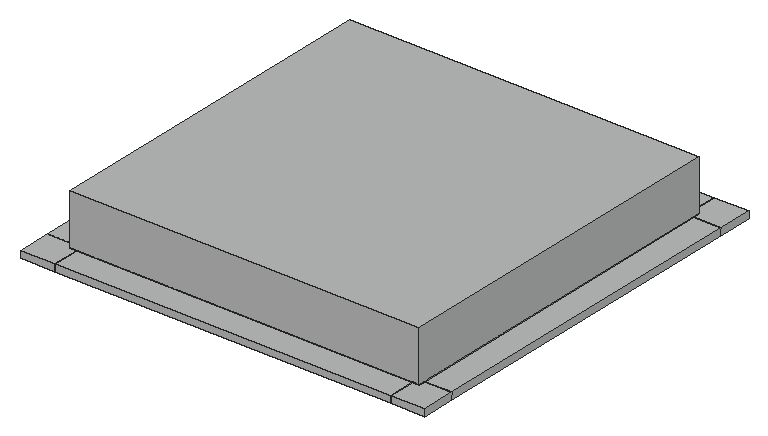
Revit family "ALUMOGIPS", category Осветительные приборы, Revit 2019 (continued)
Types (72, lengths in mm): name | Файл фотометрической сетки | built-in parameter 1150105 | Lumens | built-in parameter 1150106 | built-in parameter 1150142 | Wattage | Emit from Rectangle Width | Emit from Rectangle Length | Длина | Материал светильника | Ширина | ADSK_Ток | ADSK_Полная мощность | ADSK_Обозначение | ADSK_Номинальная мощность | ADSK_Наименование | ADSK_Масса | ADSK_Код изделия
  Alumogips-38/opal-sand 295х1195 (IP40, 4000К, белый) | "Светильник ALUMOGIPS-38 OPAL-SAND-(295x1195).ies" | 302.39 (stored number, unit not read) | 3800 lm | 3.0239 (stored number, unit not read) | "IESNA:LM-63-1995\r\n[TEST] Протокол №334/16 от 03.11.2016г. Испытательная лаборатория Государственного предприятия \"ЦСОТ НАН Беларуси\"\r\n[MORE] FFFFFFFD255B12BA015C13F525FB5F2F2\r\n[DATA] 02.11.2016\r\n[MANUFAC] ЗАО \"Центрстройсвет\"\r\n[LUMCAT] Светильник ALUMOGIPS-38/OPAL-SAND-(295X1195)\r\n[LUMINAIRE] офисное освещение\r\n[LAMP] \r\nTILT=NONE\r\n1    -1.0   1.000 91 181 1 2   .295   1.195   0.04\r\n1.0  1.0   37.90\r\n0.0 2.0 4.0 6.0 8.0 10.0 12.0 14.0 16.0 18.0 20.0 22.0 24.0 26.0 28.0 30.0 32.0 34.0 36.0 38.0 40.0 42.0 44.0 46.0 48.0 50.0 52.0 54.0 56.0 58.0 60.0 62.0 64.0 66.0 68.0 70.0 72.0 74.0 76.0 78.0 80.0 82.0 84.0 86.0 88.0 90.0 92.0 94.0 96.0 98.0 100.0 102.0 104.0 106.0 108.0 110.0 112.0 114.0 116.0 118.0 120.0 122.0 124.0 126.0 128.0 130.0 132.0 134.0 136.0 138.0 140.0 142.0 144.0 146.0 148.0 150.0 152.0 154.0 156.0 158.0 160.0 162.0 164.0 166.0 168.0 170.0 172.0 174.0 176.0 178.0 180.0 \r\n0.0 2.0 4.0 6.0 8.0 10.0 12.0 14.0 16.0 18.0 20.0 22.0 24.0 26.0 28.0 30.0 32.0 34.0 36.0 38.0 40.0 42.0 44.0 46.0 48.0 50.0 52.0 54.0 56.0 58.0 60.0 62.0 64.0 66.0 68.0 70.0 72.0 74.0 76.0 78.0 80.0 82.0 84.0 86.0 88.0 90.0 92.0 94.0 96.0 98.0 100.0 102.0 104.0 106.0 108.0 110.0 112.0 114.0 116.0 118.0 120.0 122.0 124.0 126.0 128.0 130.0 132.0 134.0 136.0 138.0 140.0 142.0 144.0 146.0 148.0 150.0 152.0 154.0 156.0 158.0 160.0 162.0 164.0 166.0 168.0 170.0 172.0 174.0 176.0 178.0 180.0 182.0 184.0 186.0 188.0 190.0 192.0 194.0 196.0 198.0 200.0 202.0 204.0 206.0 208.0 210.0 212.0 214.0 216.0 218.0 220.0 222.0 224.0 226.0 228.0 230.0 232.0 234.0 236.0 238.0 240.0 242.0 244.0 246.0 248.0 250.0 252.0 254.0 256.0 258.0 260.0 262.0 264.0 266.0 268.0 270.0 272.0 274.0 276.0 278.0 280.0 282.0 284.0 286.0 288.0 290.0 292.0 294.0 296.0 298.0 300.0 302.0 304.0 306.0 308.0 310.0 312.0 314.0 316.0 318.0 320.0 322.0 324.0 326.0 328.0 330.0 332.0 334.0 336.0 338.0 340.0 342.0 344.0 346.0 348.0 350.0 352.0 354.0 356.0 358.0 360.0 \r\n1417.637 1416.354 1411.816 1405.303 1395.733 1384.288 1370.276 1353.307 1334.658 1313.741 1290.456 1264.901 1237.669 1208.563 1177.582 1144.923 1111.476 1076.252 \r\n1039.646 1001.857 963.476 923.417 883.260 842.018 801.072 758.644 716.317 673.693 630.576 587.064 543.749 500.435 457.614 414.891 371.972 330.137 289.191 248.836 209.765 171.778 \r\n133.693 99.653 67.389 36.901 9.077 0.592 0.592 0.592 0.493 0.493 0.493 0.493 0.493 0.493 0.493 0.493 0.395 0.395 0.395 0.395 0.395 0.395 0.395 0.296 0.296 0.296 0.296 0.296 0.296 0.296 0.296 0.197 \r\n0.197 0.197 0.197 0.197 0.197 0.197 0.197 0.098 0.098 0.098 0.098 0.098 0.098 0.098 0.098 0.000 0.000 0.000 0.000 \r\n1417.637 1416.453 1411.914 1405.402 1395.930 1384.583 1370.671 1353.701 1335.053 1314.234 1290.850 1265.395 1238.261 1209.155 1178.075 1145.515 1112.067 1076.844 \r\n1040.239 1002.548 964.167 924.207 883.951 842.708 801.762 759.336 717.008 674.383 631.267 587.755 544.441 501.126 458.206 415.385 372.465 330.631 289.585 249.231 210.160 172.172 \r\n134.088 99.949 67.685 37.198 9.275 0.592 0.592 0.592 0.493 0.493 0.493 0.493 0.493 0.493 0.493 0.493 0.395 0.395 0.395 0.395 0.395 0.395 0.395 0.296 0.296 0.296 0.296 0.296 0.296 0.296 0.296 0.197 \r\n0.197 0.197 0.197 0.197 0.197 0.197 0.197 0.098 0.098 0.098 0.098 0.098 0.098 0.098 0.098 0.000 0.000 0.000 0.000 \r\n1417.637 1416.453 1412.013 1405.600 1396.226 1384.781 1370.968 1354.095 1335.448 1314.629 1291.344 1265.888 1238.754 1209.648 1178.667 1146.206 1112.758 1077.534 \r\n1040.929 1003.140 964.857 924.898 884.740 843.400 802.453 760.026 717.698 674.976 631.859 588.446 545.032 501.718 458.798 415.977 373.057 331.124 290.079 249.625 210.553 172.567 \r\n134.383 100.245 67.883 37.394 9.472 0.592 0.592 0.592 0.493 0.493 0.493 0.493 0.493 0.493 0.493 0.493 0.395 0.395 0.395 0.395 0.395 0.395 0.395 0.296 0.296 0.296 0.296 0.296 0.296 0.296 0.296 0.197 \r\n0.197 0.197 0.197 0.197 0.197 0.197 0.197 0.098 0.098 0.098 0.098 0.098 0.098 0.098 0.098 0.000 0.000 0.000 0.000 \r\n1417.637 1416.551 1412.111 1405.796 1396.423 1385.077 1371.264 1354.391 1335.842 1315.024 1291.837 1266.382 1239.248 1210.240 1179.259 1146.798 1113.350 1078.126 \r\n1041.620 1003.831 965.548 925.588 885.431 844.090 803.143 760.717 718.389 675.666 632.549 589.038 545.723 502.310 459.390 416.569 373.550 331.617 290.474 250.119 210.948 172.863 \r\n134.679 100.541 68.178 37.591 9.669 0.592 0.592 0.592 0.493 0.493 0.493 0.493 0.493 0.493 0.493 0.493 0.395 0.395 0.395 0.395 0.395 0.395 0.395 0.296 0.296 0.296 0.296 0.296 0.296 0.296 0.296 0.197 \r\n0.197 0.197 0.197 0.197 0.197 0.197 0.197 0.098 0.098 0.098 0.098 0.098 0.098 0.098 0.098 0.000 0.000 0.000 0.000 \r\n1417.637 1416.551 1412.309 1405.895 1396.621 1385.373 1371.559 1354.786 1336.237 1315.419 1292.232 1266.875 1239.742 1210.733 1179.851 1147.390 1113.942 1078.816 \r\n1042.310 1004.521 966.238 926.279 886.121 844.879 803.834 761.408 719.080 676.357 633.240 589.728 546.315 502.902 459.982 417.062 374.043 332.110 290.967 250.513 211.343 173.258 \r\n135.074 100.837 68.376 37.888 9.965 0.592 0.592 0.592 0.493 0.493 0.493 0.493 0.493 0.493 0.493 0.493 0.395 0.395 0.395 0.395 0.395 0.395 0.395 0.296 0.296 0.296 0.296 0.296 0.296 0.296 0.296 0.197 \r\n0.197 0.197 0.197 0.197 0.197 0.197 0.197 0.098 0.098 0.098 0.098 0.098 0.098 0.098 0.098 0.000 0.000 0.000 0.000 \r\n1417.637 1416.650 1412.407 1406.093 1396.917 1385.669 1371.954 1355.181 1336.632 1315.912 1292.725 1267.368 1240.334 1211.325 1180.443 1147.982 1114.633 1079.409 \r\n1042.903 1005.212 966.929 926.969 886.812 845.569 804.524 762.098 719.770 677.048 633.832 590.320 546.907 503.494 460.574 417.654 374.636 332.603 291.460 250.908 211.738 173.653 \r\n135.371 101.133 68.671 38.086 10.163 0.592 0.592 0.592 0.493 0.493 0.493 0.493 0.493 0.493 0.493 0.493 0.395 0.395 0.395 0.395 0.395 0.395 0.395 0.296 0.296 0.296 0.296 0.296 0.296 0.296 0.296 0.197 \r\n0.197 0.197 0.197 0.197 0.197 0.197 0.197 0.098 0.098 0.098 0.098 0.098 0.098 0.098 0.098 0.000 0.000 0.000 0.000 \r\n1417.637 1416.650 1412.506 1406.191 1397.114 1385.866 1372.250 1355.576 1337.027 1316.307 1293.218 1267.861 1240.827 1211.918 1181.035 1148.672 1115.225 1080.099 \r\n1043.593 1005.902 967.620 927.660 887.503 846.260 805.215 762.789 720.461 677.739 634.523 591.011 547.598 504.086 461.166 418.247 375.129 333.098 291.855 251.401 212.132 173.948 \r\n135.666 101.429 68.968 38.381 10.360 0.592 0.592 0.592 0.493 0.493 0.493 0.493 0.493 0.493 0.493 0.493 0.395 0.395 0.395 0.395 0.395 0.395 0.395 0.296 0.296 0.296 0.296 0.296 0.296 0.296 0.296 0.197 \r\n0.197 0.197 0.197 0.197 0.197 0.197 0.197 0.098 0.098 0.098 0.098 0.098 0.098 0.098 0.098 0.000 0.000 0.000 0.000 \r\n1417.637 1416.650 1412.604 1406.389 1397.311 1386.162 1372.546 1355.871 1337.421 1316.701 1293.613 1268.355 1241.320 1212.411 1181.627 1149.265 1115.816 1080.691 \r\n1044.284 1006.593 968.212 928.351 888.194 846.951 805.906 763.479 721.151 678.429 635.213 591.702 548.190 504.777 461.758 418.740 375.721 333.591 292.348 251.796 212.527 174.343 \r\n135.962 101.627 69.165 38.579 10.557 0.592 0.592 0.592 0.493 0.493 0.493 0.493 0.493 0.493 0.493 0.395 0.395 0.395 0.395 0.395 0.395 0.395 0.395 0.296 0.296 0.296 0.296 0.296 0.296 0.296 0.296 0.197 \r\n0.197 0.197 0.197 0.197 0.197 0.197 0.197 0.098 0.098 0.098 0.098 0.098 0.098 0.098 0.098 0.000 0.000 0.000 0.000 \r\n1417.637 1416.749 1412.704 1406.586 1397.607 1386.458 1372.941 1356.266 1337.815 1317.095 1294.106 1268.848 1241.813 1213.003 1182.219 1149.856 1116.409 1081.382 \r\n1044.876 1007.283 968.902 929.042 888.885 847.642 806.597 764.170 721.843 679.120 635.806 592.293 548.881 505.368 462.351 419.332 376.214 334.084 292.841 252.191 212.922 174.738 \r\n136.357 101.922 69.461 38.776 10.853 0.592 0.592 0.592 0.493 0.493 0.493 0.493 0.493 0.493 0.493 0.395 0.395 0.395 0.395 0.395 0.395 0.395 0.395 0.296 0.296 0.296 0.296 0.296 0.296 0.296 0.296 0.197 \r\n0.197 0.197 0.197 0.197 0.197 0.197 0.197 0.098 0.098 0.098 0.098 0.098 0.098 0.098 0.098 0.000 0.000 0.000 0.000 \r\n1417.637 1416.749 1412.802 1406.684 1397.805 1386.754 1373.237 1356.661 1338.210 1317.589 1294.599 1269.341 1242.406 1213.496 1182.811 1150.448 1117.099 1081.974 \r\n1045.566 1007.974 969.593 929.732 889.575 848.333 807.287 764.861 722.533 679.712 636.496 592.985 549.472 505.960 462.942 419.825 376.707 334.577 293.236 252.684 213.317 175.034 \r\n136.652 102.218 69.659 39.072 11.051 0.592 0.592 0.592 0.493 0.493 0.493 0.493 0.493 0.493 0.493 0.395 0.395 0.395 0.395 0.395 0.395 0.395 0.395 0.296 0.296 0.296 0.296 0.296 0.296 0.296 0.296 0.197 \r\n0.197 0.197 0.197 0.197 0.197 0.197 0.197 0.098 0.098 0.098 0.098 0.098 0.098 0.098 0.098 0.000 0.000 0.000 0.000 \r\n1417.637 1416.848 1412.901 1406.882 1398.002 1387.051 1373.533 1356.957 1338.605 1317.983 1294.994 1269.834 1242.899 1214.089 1183.403 1151.041 1117.692 1082.665 \r\n1046.257 1008.566 970.284 930.423 890.266 849.121 807.978 765.552 723.224 680.403 637.187 593.675 550.163 506.553 463.534 420.416 377.300 335.071 293.729 253.079 213.712 175.429 \r\n136.949 102.515 69.954 39.269 11.248 0.592 0.592 0.592 0.493 0.493 0.493 0.493 0.493 0.493 0.493 0.395 0.395 0.395 0.395 0.395 0.395 0.395 0.395 0.296 0.296 0.296 0.296 0.296 0.296 0.296 0.296 0.197 \r\n0.197 0.197 0.197 0.197 0.197 0.197 0.197 0.098 0.098 0.098 0.098 0.098 0.098 0.098 0.098 0.000 0.000 0.000 0.000 \r\n1417.637 1416.848 1412.999 1407.079 1398.298 1387.247 1373.829 1357.352 1339.000 1318.378 1295.488 1270.327 1243.392 1214.680 1183.995 1151.731 1118.283 1083.257 \r\n1046.849 1009.257 970.975 931.113 891.055 849.813 808.668 766.242 723.914 681.093 637.779 594.266 550.755 507.145 464.126 421.009 377.793 335.564 294.222 253.474 214.105 175.823 \r\n137.343 102.810 70.250 39.467 11.445 0.592 0.592 0.592 0.493 0.493 0.493 0.493 0.493 0.493 0.493 0.395 0.395 0.395 0.395 0.395 0.395 0.395 0.395 0.296 0.296 0.296 0.296 0.296 0.296 0.296 0.296 0.197 \r\n0.197 0.197 0.197 0.197 0.197 0.197 0.197 0.098 0.098 0.098 0.098 0.098 0.098 0.098 0.098 0.000 0.000 0.000 0.000 \r\n1417.637 1416.946 1413.098 1407.178 1398.495 1387.544 1374.223 1357.747 1339.395 1318.773 1295.882 1270.822 1243.886 1215.174 1184.587 1152.323 1118.974 1083.848 \r\n1047.540 1009.947 971.665 931.903 891.746 850.503 809.359 766.933 724.507 681.784 638.470 594.958 551.445 507.836 464.718 421.502 378.287 336.057 294.617 253.967 214.500 176.119 \r\n137.640 103.106 70.447 39.762 11.741 0.592 0.592 0.592 0.493 0.493 0.493 0.493 0.493 0.493 0.493 0.395 0.395 0.395 0.395 0.395 0.395 0.395 0.395 0.296 0.296 0.296 0.296 0.296 0.296 0.296 0.296 0.197 \r\n0.197 0.197 0.197 0.197 0.197 0.197 0.197 0.098 0.098 0.098 0.098 0.098 0.098 0.098 0.098 0.000 0.000 0.000 0.000 \r\n1417.637 1416.946 1413.197 1407.376 1398.693 1387.839 1374.520 1358.042 1339.789 1319.168 1296.376 1271.315 1244.477 1215.765 1185.179 1152.915 1119.566 1084.539 \r\n1048.230 1010.638 972.356 932.594 892.436 851.194 810.050 767.623 725.197 682.474 639.160 595.649 552.038 508.427 465.310 422.094 378.878 336.550 295.111 254.362 214.895 176.514 \r\n137.935 103.403 70.744 39.960 11.939 0.592 0.592 0.592 0.493 0.493 0.493 0.493 0.493 0.493 0.493 0.395 0.395 0.395 0.395 0.395 0.395 0.395 0.395 0.296 0.296 0.296 0.296 0.296 0.296 0.296 0.296 0.197 \r\n0.197 0.197 0.197 0.197 0.197 0.197 0.197 0.098 0.098 0.098 0.098 0.098 0.098 0.098 0.098 0.000 0.000 0.000 0.000 \r\n1417.637 1417.044 1413.295 1407.474 1398.890 1388.135 1374.815 1358.437 1340.184 1319.661 1296.869 1271.808 1244.971 1216.258 1185.673 1153.507 1120.158 1085.131 \r\n1048.823 1011.329 973.046 933.284 893.127 851.884 810.741 768.314 725.888 683.165 639.752 596.240 552.728 509.019 465.902 422.686 379.371 337.044 295.505 254.757 215.388 176.909 \r\n138.232 103.698 70.942 40.157 12.136 0.592 0.592 0.592 0.493 0.493 0.493 0.493 0.493 0.493 0.493 0.395 0.395 0.395 0.395 0.395 0.395 0.395 0.395 0.296 0.296 0.296 0.296 0.296 0.296 0.296 0.296 0.197 \r\n0.197 0.197 0.197 0.197 0.197 0.197 0.197 0.098 0.098 0.098 0.098 0.098 0.098 0.098 0.098 0.000 0.000 0.000 0.000 \r\n1417.637 1417.044 1413.394 1407.671 1399.187 1388.333 1375.111 1358.832 1340.578 1320.056 1297.264 1272.301 1245.464 1216.851 1186.264 1154.099 1120.849 1085.822 \r\n1049.513 1012.020 973.737 933.975 893.818 852.575 811.432 769.004 726.578 683.855 640.443 596.930 553.321 509.611 466.494 423.180 379.964 337.537 295.999 255.250 215.783 177.304 \r\n138.626 103.994 71.237 40.453 12.333 0.592 0.592 0.592 0.493 0.493 0.493 0.493 0.493 0.493 0.493 0.395 0.395 0.395 0.395 0.395 0.395 0.395 0.395 0.296 0.296 0.296 0.296 0.296 0.296 0.296 0.296 0.197 \r\n0.197 0.197 0.197 0.197 0.197 0.197 0.197 0.098 0.098 0.098 0.098 0.098 0.098 0.098 0.098 0.000 0.000 0.000 0.000 \r\n1417.637 1417.143 1413.492 1407.869 1399.383 1388.629 1375.506 1359.226 1340.973 1320.451 1297.757 1272.795 1246.056 1217.443 1186.856 1154.790 1121.441 1086.414 \r\n1050.204 1012.711 974.428 934.665 894.508 853.365 812.122 769.695 727.269 684.448 641.134 597.523 554.011 510.203 467.086 423.772 380.457 338.031 296.492 255.645 216.178 177.599 \r\n138.922 104.291 71.533 40.650 12.629 0.592 0.592 0.592 0.493 0.493 0.493 0.493 0.493 0.493 0.493 0.395 0.395 0.395 0.395 0.395 0.395 0.395 0.395 0.296 0.296 0.296 0.296 0.296 0.296 0.296 0.296 0.197 \r\n0.197 0.197 0.197 0.197 0.197 0.197 0.197 0.098 0.098 0.098 0.098 0.098 0.098 0.098 0.098 0.000 0.000 0.000 0.000 \r\n1417.637 1417.143 1413.592 1407.967 1399.580 1388.925 1375.803 1359.523 1341.367 1320.845 1298.250 1273.288 1246.550 1217.936 1187.448 1155.382 1122.032 1087.105 \r\n1050.894 1013.401 975.119 935.356 895.199 854.055 812.813 770.386 727.959 685.138 641.725 598.213 554.603 510.795 467.678 424.265 380.951 338.524 296.887 256.038 216.573 177.994 \r\n139.218 104.586 71.730 40.848 12.826 0.592 0.592 0.493 0.493 0.493 0.493 0.493 0.493 0.493 0.493 0.395 0.395 0.395 0.395 0.395 0.395 0.395 0.395 0.296 0.296 0.296 0.296 0.296 0.296 0.296 0.296 0.197 \r\n0.197 0.197 0.197 0.197 0.197 0.197 0.197 0.098 0.098 0.098 0.098 0.098 0.098 0.098 0.098 0.000 0.000 0.000 0.000 \r\n1417.637 1417.242 1413.690 1408.165 1399.877 1389.220 1376.098 1359.917 1341.762 1321.339 1298.645 1273.781 1247.043 1218.528 1188.041 1155.974 1122.723 1087.697 \r\n1051.487 1013.993 975.810 936.046 895.889 854.746 813.503 771.077 728.650 685.829 642.416 598.904 555.294 511.486 468.270 424.857 381.542 339.018 297.380 256.533 216.967 178.389 \r\n139.613 104.882 72.026 41.143 13.024 0.592 0.592 0.493 0.493 0.493 0.493 0.493 0.493 0.493 0.493 0.395 0.395 0.395 0.395 0.395 0.395 0.395 0.395 0.296 0.296 0.296 0.296 0.296 0.296 0.296 0.296 0.197 \r\n0.197 0.197 0.197 0.197 0.197 0.197 0.197 0.098 0.098 0.098 0.098 0.098 0.098 0.098 0.098 0.000 0.000 0.000 0.000 \r\n1417.637 1417.242 1413.789 1408.362 1400.075 1389.517 1376.394 1360.311 1342.157 1321.733 1299.138 1274.274 1247.536 1219.022 1188.632 1156.566 1123.315 1088.388 \r\n1052.177 1014.684 976.500 936.738 896.581 855.436 814.194 771.768 729.341 686.519 643.107 599.496 555.885 512.078 468.862 425.449 382.035 339.511 297.873 256.926 217.362 178.685 \r\n139.909 105.079 72.223 41.341 13.221 0.592 0.592 0.493 0.493 0.493 0.493 0.493 0.493 0.493 0.493 0.395 0.395 0.395 0.395 0.395 0.395 0.395 0.395 0.296 0.296 0.296 0.296 0.296 0.296 0.296 0.296 0.197 \r\n0.197 0.197 0.197 0.197 0.197 0.197 0.197 0.098 0.098 0.098 0.098 0.098 0.098 0.098 0.098 0.000 0.000 0.000 0.000 \r\n1417.637 1417.341 1413.986 1408.461 1400.271 1389.715 1376.789 1360.608 1342.552 1322.128 1299.632 1274.768 1248.128 1219.614 1189.224 1157.256 1123.907 1088.980 \r\n1052.868 1015.374 977.191 937.428 897.369 856.127 814.884 772.458 730.032 687.211 643.698 600.187 556.577 512.670 469.454 425.942 382.529 340.004 298.268 257.321 217.756 179.080 \r\n140.204 105.376 72.520 41.538 13.517 0.592 0.592 0.493 0.493 0.493 0.493 0.493 0.493 0.493 0.493 0.395 0.395 0.3
